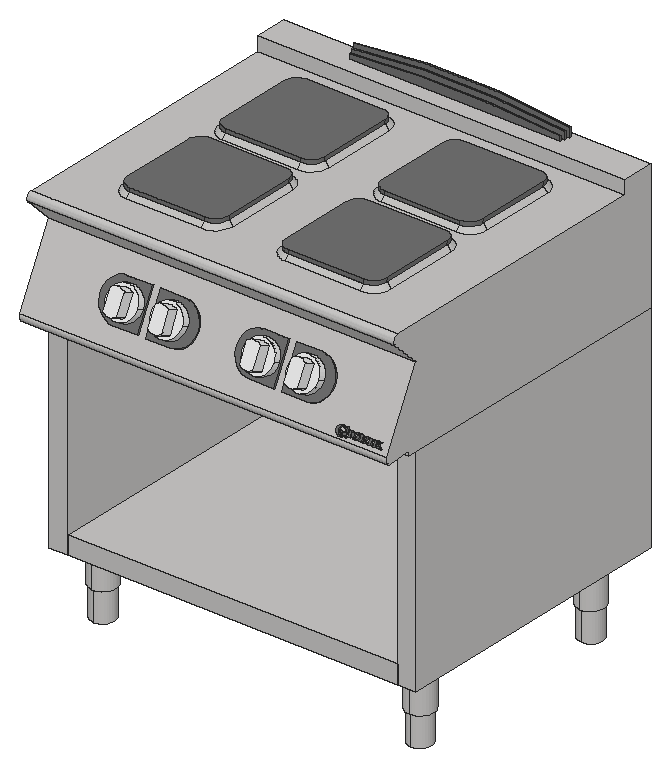
Revit family "QF_GIORIK_CE74QG", category Specialty Equipment, Revit 2014
Parameters (values of type "CE74QG")
  Weight in Pounds = 198.4158
  Watts = 10400 W
  Volts = 400 V
  URL Cutsheet = "www.giorik.com"
  URL = "www.giorik.com"
  Status [instance] = ""
  Specification by User [instance] = ""
  Specification by Manufacturer = ""
  Show Logo [instance] = yes
  Show Clearance [instance] = yes
  Serial Number = ""
  Seismic Rating = ""
  SMACNA No = ""
  Revision Code [instance] = ""
  Phase = 3
  Number of Poles [instance] = 3
  NAFEM Spec ID Number = ""
  Model = "CE74QG"
  Min Ckt Ampacity = 0 A
  Max Overcurrent Protection = 0 A
  Masterspec = ""
  Manufacturer = "GIORIK"
  Item Number [instance] = ""
  Installed By [instance] = ""
  Identify Quantity as Lot [instance] = no
  HP = "13.946608000000"
  Furnished By [instance] = ""
  Foodservice Equipment Identifier [instance] = yes
  FL Amps = 0 A
  Electrical Remarks [instance] = ""
  Electric Connection Type [instance] = ""
  Elec Conn RI Height [instance] = 0 mm
  Elec Conn Connection Height [instance] = 150 mm
  Description = "4 ELECTRIC SQUARE PLATE HOB ON OPEN BASE UNIT"
  Cycle = 50 Hz
  Conn Plug = ""
  CSI MasterFormat = ""
  Assembly Code = "E1090320"
  Apparent Power = 10400 VA
Reference planes
  plane 1 "Back": y = 0
  plane 2: z = 0
  plane 3 "Left": x = 0
  plane 4 "Right": x = 800
  plane 5 "Front": y = -720
  plane 6 "Top": z = 900
Forms (mm)
  Extrusion 1, solid, visible <- "Show Logo"
    sketch origin (591.604, -736.761, 609.486) x (-1, 0, 0) y (0, 0.452718, 0.891654)
      loop
        line (-118.824, 58.358) -> (-127.804, 58.358) -> (-125.523, 56.445) -> (-125.523, 48.027) -> (-127.804, 46.113) -> (-118.824, 46.113) -> (-121.105, 48.027) -> (-121.105, 56.445) -> (-118.824, 58.358)
      loop
        line (-163.721, 58.358) -> (-172.7, 58.358) -> (-170.42, 56.445) -> (-170.42, 48.027) -> (-172.7, 46.113) -> (-163.721, 46.113) -> (-166.001, 48.027) -> (-166.001, 56.445) -> (-163.721, 58.358)
      loop
        line (-174.332, 58.358) -> (-183.312, 58.358) -> (-181.031, 56.445) -> (-181.031, 52.435) -> (-186.419, 56.955) -> (-184.416, 58.358) -> (-191.268, 58.358) -> (-188.01, 56.839) -> (-185.455, 54.283) -> (-190.846, 47.858) -> (-193.396, 46.93) -> (-193.396, 46.113) -> (-184.416, 46.113) -> (-185.437, 47.571) -> (-182.443, 51.552) -> (-181.031, 50.894) -> (-181.031, 48.027) -> (-183.312, 46.113) -> (-174.332, 46.113) -> (-176.613, 48.027) -> (-176.613, 56.445) -> (-174.332, 58.358)
      loop
        line (-115.429, 62.063) -> (-115.429, 54.198)
        arc (-115.429, 54.198) -> (-111.618, 57.803) -> (-106.847, 59.986) r 16.039
        arc (-106.847, 59.986) -> (-103.314, 59.837) -> (-100.512, 57.68) r 5.851
        arc (-100.512, 57.68) -> (-98.815, 52.267) -> (-100.512, 46.853) r 9.479
        arc (-100.512, 46.853) -> (-102.406, 44.986) -> (-104.846, 43.93) r 7.236
        arc (-104.846, 43.93) -> (-107.728, 44.111) -> (-110.052, 45.825) r 5.11
        line (-110.052, 45.825) -> (-110.052, 52.001) -> (-116.141, 52.001) -> (-116.141, 45.503) -> (-117.893, 43.751) -> (-114.094, 44.769)
        arc (-114.094, 44.769) -> (-112.56, 44.947) -> (-111.129, 44.366) r 3.115
        arc (-111.129, 44.366) -> (-104.216, 42.091) -> (-97.303, 44.366) r 11.641
        arc (-97.303, 44.366) -> (-93.396, 52.107) -> (-97.303, 59.849) r 9.622
        arc (-97.303, 59.849) -> (-104.369, 62.174) -> (-111.435, 59.849) r 11.898
        line (-111.435, 59.849) -> (-115.429, 62.063)
      loop
        arc (-129.234, 56.068) -> (-135.893, 58.628) -> (-142.552, 56.068) r 9.941
        arc (-142.552, 56.068) -> (-144.234, 52.286) -> (-142.552, 48.505) r 5.093
        arc (-142.552, 48.505) -> (-135.893, 45.945) -> (-129.234, 48.505) r 9.941
        arc (-129.234, 48.505) -> (-127.552, 52.286) -> (-129.234, 56.068) r 5.093
      loop
        arc (-132.628, 54.403) -> (-135.893, 57.668) -> (-139.158, 54.403) r 3.265
        line (-139.158, 54.403) -> (-139.158, 50.169)
        arc (-139.158, 50.169) -> (-135.893, 46.904) -> (-132.628, 50.169) r 3.265
        line (-132.628, 50.169) -> (-132.628, 54.403)
      loop
        arc (-156.363, 58.365) -> (-159.647, 55.081) -> (-156.363, 51.796) r 3.285
        line (-156.363, 51.796) -> (-159.529, 47.306) -> (-162.087, 46.113) -> (-155.847, 46.113) -> (-153.529, 51.083) -> (-150.637, 51.083) -> (-150.637, 47.784) -> (-153.022, 46.113) -> (-144.011, 46.113) -> (-146.094, 47.68) -> (-146.094, 56.493) -> (-144.229, 58.365) -> (-156.363, 58.365)
      loop
        line (-150.637, 57.512) -> (-153.637, 57.512)
        arc (-153.637, 57.512) -> (-156.237, 54.912) -> (-153.637, 52.312) r 2.6
        line (-153.637, 52.312) -> (-150.637, 52.312) -> (-150.637, 57.512)
      loop
        line (-108.924, 52.001) -> (-104.936, 49.005) -> (-100.948, 52.001) -> (-108.924, 52.001)
    from 1.5 to -0.5
  Extrusion 2, solid
    sketch origin (-16, 1025.81, 0) x (1, 0, 0) y (0, 1, 0)
      loop
        line (25, -1086.81) -> (25, -1156.81) -> (115, -1156.81) -> (115, -1086.81) -> (25, -1086.81)
    from 148 to 150
  Extrusion 3, solid
    sketch origin (-4, 0, 130) x (1, 0, 0) y (0, 1, 0)
      loop
        circle (54, -385) r 12.5
    from 0 to 20
  Extrusion 4, solid
    sketch origin (0, 1000, -20) x (0, 1, 0) y (0, 0, 1)
      loop
        line (-1000, 919.988) -> (-1070, 919.988) -> (-1070, 889.988) -> (-1688.806, 889.988)
        arc (-1688.806, 889.988) -> (-1699.151, 883.075) -> (-1696.724, 870.873) r 11.197
        line (-1696.724, 870.873) -> (-1640.876, 815.025) -> (-1718.948, 661.258)
        arc (-1718.948, 661.258) -> (-1718.233, 650.105) -> (-1708.118, 645.354) r 10.981
        line (-1708.118, 645.354) -> (-1660, 649.925) -> (-1660, 640) -> (-1000, 640) -> (-1000, 919.988)
    from 0 to 800
  Extrusion 5, solid
    sketch origin (0, 0, 599.536) x (1, 0, 0) y (0, 1, 0)
      loop
        line (0, -640) -> (40, -640) -> (40, -40) -> (760, -40) -> (760, -640) -> (800, -640) -> (800, 0) -> (0, 0) -> (0, -640)
    from -449.536 to 20.464
  Extrusion 6, solid
    sketch origin (0, 0, 0) x (1, 0, 0) y (0, 1, 0)
      loop
        line (40, -40) -> (40, -640) -> (760, -640) -> (760, -40) -> (40, -40)
    from 150 to 190
  Extrusion 7, solid
    sketch origin (-16, 560.81, 0) x (1, 0, 0) y (0, 1, 0)
      loop
        line (25, -1086.81) -> (25, -1156.81) -> (115, -1156.81) -> (115, -1086.81) -> (25, -1086.81)
    from 148 to 150
  Revolve 8, solid
    sketch origin (54, 560.81, 0) x (0, 1, 0) y (0, 0, 1)
      loop
        line (-1092.56, 66) -> (-1092.56, 148) -> (-1121.81, 148) -> (-1121.81, 0) -> (-1096.81, 0) -> (-1096.81, 66) -> (-1092.56, 66)
      axis (-1121.81, 0) -> (-1121.81, 148)
    angle from 0 to 360
  Revolve 9, solid
    sketch origin (54, 1025.81, 0) x (0, 1, 0) y (0, 0, 1)
      loop
        line (-1092.56, 66) -> (-1092.56, 148) -> (-1121.81, 148) -> (-1121.81, 0) -> (-1096.81, 0) -> (-1096.81, 66) -> (-1092.56, 66)
      axis (-1121.81, 0) -> (-1121.81, 148)
    angle from 0 to 360
  Extrusion 10, solid
    sketch origin (816, 560.81, 0) x (-1, 0, 0) y (0, -1, 0)
      loop
        line (25, 1086.81) -> (115, 1086.81) -> (115, 1156.81) -> (25, 1156.81) -> (25, 1086.81)
    from 148 to 150
  Revolve 11, solid
    sketch origin (746, 560.81, 0) x (0, 1, 0) y (0, 0, -1)
      loop
        line (-1092.56, -66) -> (-1096.81, -66) -> (-1096.81, 0) -> (-1121.81, 0) -> (-1121.81, -148) -> (-1092.56, -148) -> (-1092.56, -66)
      axis (-1121.81, 0) -> (-1121.81, -148)
    angle from 0 to 360
  Extrusion 12, solid
    sketch origin (816, -1217.81, 0) x (-1, 0, 0) y (0, -1, 0)
      loop
        line (25, -1086.81) -> (25, -1156.81) -> (115, -1156.81) -> (115, -1086.81) -> (25, -1086.81)
    from 148 to 150
  Revolve 13, solid
    sketch origin (746, -1217.81, 0) x (0, -1, 0) y (0, 0, 1)
      loop
        line (-1092.56, 66) -> (-1092.56, 148) -> (-1121.81, 148) -> (-1121.81, 0) -> (-1096.81, 0) -> (-1096.81, 66) -> (-1092.56, 66)
      axis (-1121.81, 0) -> (-1121.81, 148)
    angle from 0 to 360
  Extrusion 14, solid
    sketch origin (-220.755, -963.345, 52.363) x (1, 0, 0) y (0, 0.452718, 0.891654)
      loop
        line (463.221, 676.25) -> (463.221, 766.25) -> (409.698, 766.25)
        arc (409.698, 766.25) -> (364.698, 721.25) -> (409.698, 676.25) r 45
        line (409.698, 676.25) -> (463.221, 676.25)
    from 48 to 50
  Extrusion 15, solid
    sketch origin (553.797, -1008.697, 74.959) x (-1, 0, 0) y (0, -0.45351, -0.891251)
      loop
        circle (351.331, -721.346) r 35
    from 0 to 15
  Extrusion 16, solid
    sketch origin (553.797, -1008.697, 74.959) x (-1, 0, 0) y (0, -0.45351, -0.891251)
      loop
        arc (336.331, -743.846) -> (351.331, -748.846) -> (366.331, -743.846) r 25
        line (366.331, -743.846) -> (366.331, -698.846)
        arc (366.331, -698.846) -> (351.331, -693.846) -> (336.331, -698.846) r 25
        line (336.331, -698.846) -> (336.331, -743.846)
    from 15 to 40
  Extrusion 17, solid
    sketch origin (723.221, -963.345, 52.363) x (-1, 0, 0) y (0, -0.452718, -0.891654)
      loop
        line (463.221, -676.25) -> (409.698, -676.25)
        arc (409.698, -676.25) -> (364.698, -721.25) -> (409.698, -766.25) r 45
        line (409.698, -766.25) -> (463.221, -766.25) -> (463.221, -676.25)
    from 48 to 50
  Extrusion 18, solid
    sketch origin (-51.331, -1008.697, 74.959) x (1, 0, 0) y (0, 0.45351, 0.891251)
      loop
        circle (351.331, 721.346) r 35
    from 0 to 15
  Extrusion 19, solid
    sketch origin (-51.331, -1008.697, 74.959) x (1, 0, 0) y (0, 0.45351, 0.891251)
      loop
        line (336.331, 743.846) -> (336.331, 698.846)
        arc (336.331, 698.846) -> (351.331, 693.846) -> (366.331, 698.846) r 25
        line (366.331, 698.846) -> (366.331, 743.846)
        arc (366.331, 743.846) -> (351.331, 748.846) -> (336.331, 743.846) r 25
    from 15 to 40
  Extrusion 20, solid
    sketch origin (76.779, -963.345, 52.363) x (1, 0, 0) y (0, 0.452718, 0.891654)
      loop
        line (463.221, 676.25) -> (463.221, 766.25) -> (409.698, 766.25)
        arc (409.698, 766.25) -> (364.698, 721.25) -> (409.698, 676.25) r 45
        line (409.698, 676.25) -> (463.221, 676.25)
    from 48 to 50
  Extrusion 21, solid
    sketch origin (851.331, -1008.697, 74.959) x (-1, 0, 0) y (0, -0.45351, -0.891251)
      loop
        circle (351.331, -721.346) r 35
    from 0 to 15
  Extrusion 22, solid
    sketch origin (851.331, -1008.697, 74.959) x (-1, 0, 0) y (0, -0.45351, -0.891251)
      loop
        arc (336.331, -743.846) -> (351.331, -748.846) -> (366.331, -743.846) r 25
        line (366.331, -743.846) -> (366.331, -698.846)
        arc (366.331, -698.846) -> (351.331, -693.846) -> (336.331, -698.846) r 25
        line (336.331, -698.846) -> (336.331, -743.846)
    from 15 to 40
  Extrusion 23, solid
    sketch origin (1020.755, -963.345, 52.363) x (-1, 0, 0) y (0, -0.452718, -0.891654)
      loop
        line (463.221, -676.25) -> (409.698, -676.25)
        arc (409.698, -676.25) -> (364.698, -721.25) -> (409.698, -766.25) r 45
        line (409.698, -766.25) -> (463.221, -766.25) -> (463.221, -676.25)
    from 48 to 50
  Extrusion 24, solid
    sketch origin (246.203, -1008.697, 74.959) x (1, 0, 0) y (0, 0.45351, 0.891251)
      loop
        circle (351.331, 721.346) r 35
    from 0 to 15
  Extrusion 25, solid
    sketch origin (246.203, -1008.697, 74.959) x (1, 0, 0) y (0, 0.45351, 0.891251)
      loop
        line (336.331, 743.846) -> (336.331, 698.846)
        arc (336.331, 698.846) -> (351.331, 693.846) -> (366.331, 698.846) r 25
        line (366.331, 698.846) -> (366.331, 743.846)
        arc (366.331, 743.846) -> (351.331, 748.846) -> (336.331, 743.846) r 25
    from 15 to 40
  Extrusion 26, solid
    sketch origin (36.031, 0, -10.001) x (1, 0, 0) y (0, 0, 1)
      loop
        line (135, 909.989) -> (592.969, 909.989) -> (592.969, 919.989) -> (440.969, 929.989) -> (287, 929.989) -> (135, 919.989) -> (135, 909.989)
    from 32 to 35
  Extrusion 27, solid
    sketch origin (38, 10, -10.001) x (1, 0, 0) y (0, 0, 1)
      loop
        line (594, 909.989) -> (594, 924.989) -> (440, 937.489) -> (284, 937.489) -> (130, 925.001) -> (130, 909.989) -> (594, 909.989)
    from 32 to 35
  Extrusion 28, solid
    sketch origin (40, 20, -10.001) x (1, 0, 0) y (0, 0, 1)
      loop
        line (595, 909.989) -> (595, 930.001) -> (439, 945.258) -> (281, 945.258) -> (125, 929.989) -> (125, 909.989) -> (595, 909.989)
    from 32 to 35
  Extrusion 29, solid
    sketch origin (37, 2.5, 864.988) x (0, 1, 0) y (-1, 0, 0)
      loop
        arc (-121.5, -108) -> (-129.701, -88.201) -> (-149.5, -80) r 28
        line (-149.5, -80) -> (-313.5, -80)
        arc (-313.5, -80) -> (-333.299, -88.201) -> (-341.5, -108) r 28
        line (-341.5, -108) -> (-341.5, -271.998)
        arc (-341.5, -271.998) -> (-333.299, -291.797) -> (-313.5, -299.998) r 28
        line (-313.5, -299.998) -> (-149.5, -299.998)
        arc (-149.5, -299.998) -> (-129.701, -291.797) -> (-121.5, -271.998) r 28
        line (-121.5, -271.998) -> (-121.5, -108)
    from 23 to 15
  Blend 30, solid
    base sketch origin (781.36, -820.004, 869.988) x (0, 1, 0) y (-1, 0, 0)
      loop
        arc (710.004, 636.36) -> (699.167, 662.523) -> (673.004, 673.36) r 37
        line (673.004, 673.36) -> (509.004, 673.36)
        arc (509.004, 673.36) -> (482.841, 662.523) -> (472.004, 636.36) r 37
        line (472.004, 636.36) -> (472.004, 472.362)
        arc (472.004, 472.362) -> (482.841, 446.199) -> (509.004, 435.362) r 37
        line (509.004, 435.362) -> (673.004, 435.362)
        arc (673.004, 435.362) -> (699.167, 446.199) -> (710.004, 472.362) r 37
        line (710.004, 472.362) -> (710.004, 636.36)
    top sketch origin (781.36, -820.004, 900) x (0, 1, 0) y (-1, 0, 0)
      loop
        arc (701.004, 636.36) -> (692.803, 656.159) -> (673.004, 664.36) r 28
        line (673.004, 664.36) -> (509.004, 664.36)
        arc (509.004, 664.36) -> (489.205, 656.159) -> (481.004, 636.36) r 28
        line (481.004, 636.36) -> (481.004, 472.362)
        arc (481.004, 472.362) -> (489.205, 452.563) -> (509.004, 444.362) r 28
        line (509.004, 444.362) -> (673.004, 444.362)
        arc (673.004, 444.362) -> (692.803, 452.563) -> (701.004, 472.362) r 28
        line (701.004, 472.362) -> (701.004, 636.36)
    from 0 to -20.012
  Extrusion 31, solid
    sketch origin (37, -722.5, 864.988) x (0, -1, 0) y (1, 0, 0)
      loop
        line (-121.5, 108) -> (-121.5, 271.998)
        arc (-121.5, 271.998) -> (-129.701, 291.797) -> (-149.5, 299.998) r 28
        line (-149.5, 299.998) -> (-313.5, 299.998)
        arc (-313.5, 299.998) -> (-333.299, 291.797) -> (-341.5, 271.998) r 28
        line (-341.5, 271.998) -> (-341.5, 108)
        arc (-341.5, 108) -> (-333.299, 88.201) -> (-313.5, 80) r 28
        line (-313.5, 80) -> (-149.5, 80)
        arc (-149.5, 80) -> (-129.701, 88.201) -> (-121.5, 108) r 28
    from 23 to 15
  Blend 32, solid
    base sketch origin (781.36, 100.004, 869.988) x (0, -1, 0) y (1, 0, 0)
      loop
        line (710.004, -636.36) -> (710.004, -472.362)
        arc (710.004, -472.362) -> (699.167, -446.199) -> (673.004, -435.362) r 37
        line (673.004, -435.362) -> (509.004, -435.362)
        arc (509.004, -435.362) -> (482.841, -446.199) -> (472.004, -472.362) r 37
        line (472.004, -472.362) -> (472.004, -636.36)
        arc (472.004, -636.36) -> (482.841, -662.523) -> (509.004, -673.36) r 37
        line (509.004, -673.36) -> (673.004, -673.36)
        arc (673.004, -673.36) -> (699.167, -662.523) -> (710.004, -636.36) r 37
    top sketch origin (781.36, 100.004, 900) x (0, -1, 0) y (1, 0, 0)
      loop
        line (701.004, -636.36) -> (701.004, -472.362)
        arc (701.004, -472.362) -> (692.803, -452.563) -> (673.004, -444.362) r 28
        line (673.004, -444.362) -> (509.004, -444.362)
        arc (509.004, -444.362) -> (489.205, -452.563) -> (481.004, -472.362) r 28
        line (481.004, -472.362) -> (481.004, -636.36)
        arc (481.004, -636.36) -> (489.205, -656.159) -> (509.004, -664.36) r 28
        line (509.004, -664.36) -> (673.004, -664.36)
        arc (673.004, -664.36) -> (692.803, -656.159) -> (701.004, -636.36) r 28
    from 0 to -20.012
  Extrusion 33, solid
    sketch origin (763, 2.5, 864.988) x (0, 1, 0) y (-1, 0, 0)
      loop
        line (-121.5, 108) -> (-121.5, 271.998)
        arc (-121.5, 271.998) -> (-129.701, 291.797) -> (-149.5, 299.998) r 28
        line (-149.5, 299.998) -> (-313.5, 299.998)
        arc (-313.5, 299.998) -> (-333.299, 291.797) -> (-341.5, 271.998) r 28
        line (-341.5, 271.998) -> (-341.5, 108)
        arc (-341.5, 108) -> (-333.299, 88.201) -> (-313.5, 80) r 28
        line (-313.5, 80) -> (-149.5, 80)
        arc (-149.5, 80) -> (-129.701, 88.201) -> (-121.5, 108) r 28
    from 23 to 15
  Blend 34, solid
    base sketch origin (18.64, -820.004, 869.988) x (0, 1, 0) y (-1, 0, 0)
      loop
        line (710.004, -636.36) -> (710.004, -472.362)
        arc (710.004, -472.362) -> (699.167, -446.199) -> (673.004, -435.362) r 37
        line (673.004, -435.362) -> (509.004, -435.362)
        arc (509.004, -435.362) -> (482.841, -446.199) -> (472.004, -472.362) r 37
        line (472.004, -472.362) -> (472.004, -636.36)
        arc (472.004, -636.36) -> (482.841, -662.523) -> (509.004, -673.36) r 37
        line (509.004, -673.36) -> (673.004, -673.36)
        arc (673.004, -673.36) -> (699.167, -662.523) -> (710.004, -636.36) r 37
    top sketch origin (18.64, -820.004, 900) x (0, 1, 0) y (-1, 0, 0)
      loop
        line (701.004, -636.36) -> (701.004, -472.362)
        arc (701.004, -472.362) -> (692.803, -452.563) -> (673.004, -444.362) r 28
        line (673.004, -444.362) -> (509.004, -444.362)
        arc (509.004, -444.362) -> (489.205, -452.563) -> (481.004, -472.362) r 28
        line (481.004, -472.362) -> (481.004, -636.36)
        arc (481.004, -636.36) -> (489.205, -656.159) -> (509.004, -664.36) r 28
        line (509.004, -664.36) -> (673.004, -664.36)
        arc (673.004, -664.36) -> (692.803, -656.159) -> (701.004, -636.36) r 28
    from 0 to -20.012
  Extrusion 35, solid
    sketch origin (763, -722.5, 864.988) x (0, -1, 0) y (1, 0, 0)
      loop
        arc (-121.5, -108) -> (-129.701, -88.201) -> (-149.5, -80) r 28
        line (-149.5, -80) -> (-313.5, -80)
        arc (-313.5, -80) -> (-333.299, -88.201) -> (-341.5, -108) r 28
        line (-341.5, -108) -> (-341.5, -271.998)
        arc (-341.5, -271.998) -> (-333.299, -291.797) -> (-313.5, -299.998) r 28
        line (-313.5, -299.998) -> (-149.5, -299.998)
        arc (-149.5, -299.998) -> (-129.701, -291.797) -> (-121.5, -271.998) r 28
        line (-121.5, -271.998) -> (-121.5, -108)
    from 23 to 15
  Blend 36, solid
    base sketch origin (18.64, 100.004, 869.988) x (0, -1, 0) y (1, 0, 0)
      loop
        arc (710.004, 636.36) -> (699.167, 662.523) -> (673.004, 673.36) r 37
        line (673.004, 673.36) -> (509.004, 673.36)
        arc (509.004, 673.36) -> (482.841, 662.523) -> (472.004, 636.36) r 37
        line (472.004, 636.36) -> (472.004, 472.362)
        arc (472.004, 472.362) -> (482.841, 446.199) -> (509.004, 435.362) r 37
        line (509.004, 435.362) -> (673.004, 435.362)
        arc (673.004, 435.362) -> (699.167, 446.199) -> (710.004, 472.362) r 37
        line (710.004, 472.362) -> (710.004, 636.36)
    top sketch origin (18.64, 100.004, 900) x (0, -1, 0) y (1, 0, 0)
      loop
        arc (701.004, 636.36) -> (692.803, 656.159) -> (673.004, 664.36) r 28
        line (673.004, 664.36) -> (509.004, 664.36)
        arc (509.004, 664.36) -> (489.205, 656.159) -> (481.004, 636.36) r 28
        line (481.004, 636.36) -> (481.004, 472.362)
        arc (481.004, 472.362) -> (489.205, 452.563) -> (509.004, 444.362) r 28
        line (509.004, 444.362) -> (673.004, 444.362)
        arc (673.004, 444.362) -> (692.803, 452.563) -> (701.004, 472.362) r 28
        line (701.004, 472.362) -> (701.004, 636.36)
    from 0 to -20.012
Lines and regions (mm)
  symbolic lines, style "200-EquipBorder-2D"
    curve 1: line (0, -720, 0) -> (800, -720, 0)
    curve 2: line (800, -720, 0) -> (800, 0, 0)
    curve 3: line (800, 0, 0) -> (0, 0, 0)
    curve 4: line (0, 0, 0) -> (0, -720, 0)
  symbolic lines, style "200-EquipInternal-2D"
    curve 5: line (0, -70, 900) -> (800, -70, 900)
    curve 6: line (165, -12, 900) -> (635, -12, 900)
    curve 7: line (635, -12, 900) -> (635, -15, 900)
    curve 8: line (635, -15, 900) -> (165, -15, 900)
    curve 9: line (165, -15, 900) -> (165, -12, 900)
    curve 10: line (168, -22, 900) -> (632, -22, 900)
    curve 11: line (632, -22, 900) -> (632, -25, 900)
    curve 12: line (632, -25, 900) -> (168, -25, 900)
    curve 13: line (168, -25, 900) -> (168, -22, 900)
    curve 14: line (171.031, -32, 900) -> (629, -32, 900)
    curve 15: line (629, -32, 900) -> (629, -35, 900)
    curve 16: line (629, -35, 900) -> (171.031, -35, 900)
    curve 17: line (171.031, -35, 900) -> (171.031, -32, 900)
    curve 18: line (308.998, -119, 0) -> (145, -119, 0)
    curve 19: arc (336.998, -147, 0) -> (328.797, -127.201, 0) -> (308.998, -119, 0) r 28
    curve 20: line (336.998, -311, 0) -> (336.998, -147, 0)
    curve 21: arc (308.998, -339, 0) -> (328.797, -330.799, 0) -> (336.998, -311, 0) r 28
    curve 22: line (145, -339, 0) -> (308.998, -339, 0)
    curve 23: arc (117, -311, 0) -> (125.201, -330.799, 0) -> (145, -339, 0) r 28
    curve 24: line (117, -147, 0) -> (117, -311, 0)
    curve 25: arc (145, -119, 0) -> (125.201, -127.201, 0) -> (117, -147, 0) r 28
    curve 26: arc (145, -110, 0) -> (118.837, -120.837, 0) -> (108, -147, 0) r 37
    curve 27: line (308.998, -110, 0) -> (145, -110, 0)
    curve 28: arc (345.998, -147, 0) -> (335.161, -120.837, 0) -> (308.998, -110, 0) r 37
    curve 29: line (345.998, -311, 0) -> (345.998, -147, 0)
    curve 30: arc (308.998, -348, 0) -> (335.161, -337.163, 0) -> (345.998, -311, 0) r 37
    curve 31: line (145, -348, 0) -> (308.998, -348, 0)
    curve 32: arc (108, -311, 0) -> (118.837, -337.163, 0) -> (145, -348, 0) r 37
    curve 33: line (108, -147, 0) -> (108, -311, 0)
    curve 34: line (308.998, -601, 0) -> (145, -601, 0)
    curve 35: arc (336.998, -573, 0) -> (328.797, -592.799, 0) -> (308.998, -601, 0) r 28
    curve 36: line (336.998, -409, 0) -> (336.998, -573, 0)
    curve 37: arc (308.998, -381, 0) -> (328.797, -389.201, 0) -> (336.998, -409, 0) r 28
    curve 38: line (145, -381, 0) -> (308.998, -381, 0)
    curve 39: arc (117, -409, 0) -> (125.201, -389.201, 0) -> (145, -381, 0) r 28
    curve 40: line (117, -573, 0) -> (117, -409, 0)
    curve 41: arc (145, -601, 0) -> (125.201, -592.799, 0) -> (117, -573, 0) r 28
    curve 42: arc (145, -610, 0) -> (118.837, -599.163, 0) -> (108, -573, 0) r 37
    curve 43: line (308.998, -610, 0) -> (145, -610, 0)
    curve 44: arc (345.998, -573, 0) -> (335.161, -599.163, 0) -> (308.998, -610, 0) r 37
    curve 45: line (345.998, -409, 0) -> (345.998, -573, 0)
    curve 46: arc (308.998, -372, 0) -> (335.161, -382.837, 0) -> (345.998, -409, 0) r 37
    curve 47: line (145, -372, 0) -> (308.998, -372, 0)
    curve 48: arc (108, -409, 0) -> (118.837, -382.837, 0) -> (145, -372, 0) r 37
    curve 49: line (108, -573, 0) -> (108, -409, 0)
    curve 50: line (491.002, -119, 0) -> (655, -119, 0)
    curve 51: arc (463.002, -147, 0) -> (471.203, -127.201, 0) -> (491.002, -119, 0) r 28
    curve 52: line (463.002, -311, 0) -> (463.002, -147, 0)
    curve 53: arc (491.002, -339, 0) -> (471.203, -330.799, 0) -> (463.002, -311, 0) r 28
    curve 54: line (655, -339, 0) -> (491.002, -339, 0)
    curve 55: arc (683, -311, 0) -> (674.799, -330.799, 0) -> (655, -339, 0) r 28
    curve 56: line (683, -147, 0) -> (683, -311, 0)
    curve 57: arc (655, -119, 0) -> (674.799, -127.201, 0) -> (683, -147, 0) r 28
    curve 58: arc (655, -110, 0) -> (681.163, -120.837, 0) -> (692, -147, 0) r 37
    curve 59: line (491.002, -110, 0) -> (655, -110, 0)
    curve 60: arc (454.002, -147, 0) -> (464.839, -120.837, 0) -> (491.002, -110, 0) r 37
    curve 61: line (454.002, -311, 0) -> (454.002, -147, 0)
    curve 62: arc (491.002, -348, 0) -> (464.839, -337.163, 0) -> (454.002, -311, 0) r 37
    curve 63: line (655, -348, 0) -> (491.002, -348, 0)
    curve 64: arc (692, -311, 0) -> (681.163, -337.163, 0) -> (655, -348, 0) r 37
    curve 65: line (692, -147, 0) -> (692, -311, 0)
    curve 66: line (491.002, -601, 0) -> (655, -601, 0)
    curve 67: arc (463.002, -573, 0) -> (471.203, -592.799, 0) -> (491.002, -601, 0) r 28
    curve 68: line (463.002, -409, 0) -> (463.002, -573, 0)
    curve 69: arc (491.002, -381, 0) -> (471.203, -389.201, 0) -> (463.002, -409, 0) r 28
    curve 70: line (655, -381, 0) -> (491.002, -381, 0)
    curve 71: arc (683, -409, 0) -> (674.799, -389.201, 0) -> (655, -381, 0) r 28
    curve 72: line (683, -573, 0) -> (683, -409, 0)
    curve 73: arc (655, -601, 0) -> (674.799, -592.799, 0) -> (683, -573, 0) r 28
    curve 74: arc (655, -610, 0) -> (681.163, -599.163, 0) -> (692, -573, 0) r 37
    curve 75: line (491.002, -610, 0) -> (655, -610, 0)
    curve 76: arc (454.002, -573, 0) -> (464.839, -599.163, 0) -> (491.002, -610, 0) r 37
    curve 77: line (454.002, -409, 0) -> (454.002, -573, 0)
    curve 78: arc (491.002, -372, 0) -> (464.839, -382.837, 0) -> (454.002, -409, 0) r 37
    curve 79: line (655, -372, 0) -> (491.002, -372, 0)
    curve 80: arc (692, -409, 0) -> (681.163, -382.837, 0) -> (655, -372, 0) r 37
    curve 81: line (692, -573, 0) -> (692, -409, 0)
Dimensions and locks
  plane 3 "Left" to plane 4 "Right" = 800 mm
  plane 5 "Front" to plane 1 "Back" = 720 mm
  plane 4 "Right" to plane 3 "Left" = 800 mm
  plane 1 "Back" to plane 5 "Front" = 720 mm
  plane 6 "Top" to level = 900 mm  (x2)
  aligned and locked: level to plane 2
Connectors
  electrical at (50, -385, 130), driven by "Apparent Power", driven by "Volts", driven by "Number of Poles"
    settings: on Extrusion 3, index 1, voltage 400 V, apparent load 0 VA, apparent load phase1 10400 VA, apparent load phase2 0 VA, apparent load phase3 0 VA, power factor 1, load classification "Other", number of poles 3, system type 31, power factor state 1, is connector primary yes, connector utility no, sub classification motor no, connector description "Electrical connection"
